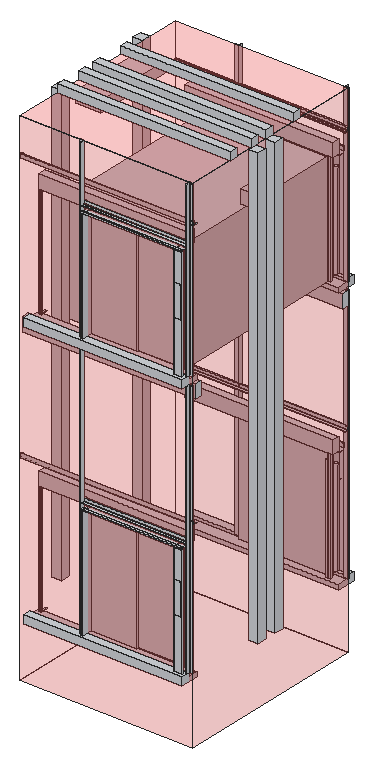
Revit family "TSF2000-2S-2方向", category 一般モデル, Revit 2018
Family settings
  鉄筋をホスト可能 = いいえ
  丸型コネクタ寸法 = 直径を使用
  パーツ タイプ = 標準
  作業面ベース = いいえ
  常に垂直 = はい
  ロード時にボイドで切り取り = いいえ
  共有 = いいえ
  部屋計算ポイント = いいえ
Parameters
  昇降行程 = 5000 mm
Reference planes
  plane 1 "レール芯": y = 0
  plane 2 "最下階FL": z = 0
  plane 3 "かご芯": x = 0
  plane 4: z = 5000
  plane 5 "ピット底面": z = -1250
  plane 6: z = 8250
  plane 7: z = 2500
Forms (mm)
  Extrusion 1, solid
    sketch origin (-115, 140, 0) x (1, 0, 0) y (0, 1, 0)
      loop
        line (-1765, 1925) -> (-1765, -1735) -> (1485, -1735) -> (1485, 1925) -> (-1765, 1925)
    from -1250 to 8250
  Extrusion 2, solid
    sketch origin (-188.849, -187.656, 5000) x (1, 0, 0) y (0, 1, 0)
      loop
        line (-941.151, 2042.656) -> (-941.151, -1167.344) -> (1318.849, -1167.344) -> (1318.849, 2042.656) -> (-941.151, 2042.656)
    from 0 to 2100
  Extrusion 3, solid
    sketch origin (-435.1, 4, 0) x (1, 0, 0) y (0, 1, 0)
      loop
        line (-1189.384, 890.997) -> (-1189.384, 260.997) -> (-753.884, 260.997) -> (-753.884, 890.997) -> (-1189.384, 890.997)
    from -1250 to -252.5
  Extrusion 4, solid
    sketch origin (-180.164, -13.256, 0) x (1, 0, 0) y (0, 1, 0)
      loop
        line (1550.164, 300.756) -> (1550.164, 125.756) -> (1725.164, 125.756) -> (1725.164, 300.756) -> (1550.164, 300.756)
    from 0 to 8250
  Extrusion 5, solid
    sketch origin (-180.164, -413.256, 0) x (1, 0, 0) y (0, 1, 0)
      loop
        line (1550.164, 300.756) -> (1550.164, 125.756) -> (1725.164, 125.756) -> (1725.164, 300.756) -> (1550.164, 300.756)
    from 0 to 8250
  Extrusion 6, solid
    sketch origin (593.997, 963.69, 0) x (1, 0, 0) y (0, 1, 0)
      loop
        line (-2648.997, 493.81) -> (-2648.997, 318.81) -> (-2473.997, 318.81) -> (-2473.997, 493.81) -> (-2648.997, 493.81)
    from 0 to 8250
  Extrusion 7, solid
    sketch origin (593.997, -936.31, 0) x (1, 0, 0) y (0, 1, 0)
      loop
        line (-2648.997, 493.81) -> (-2648.997, 318.81) -> (-2473.997, 318.81) -> (-2473.997, 493.81) -> (-2648.997, 493.81)
    from 0 to 8250
  Extrusion 8, solid
    sketch origin (388.648, -559, 7950) x (1, 0, 0) y (0, 1, 0)
      loop
        line (-2211.148, 1758) -> (-2211.148, 200) -> (-1738.648, 200) -> (-1738.648, 1758) -> (-2211.148, 1758)
    from 0 to 200
  Extrusion 9, solid
    sketch origin (-244.764, 1365.017, 7235) x (1, 0, 0) y (0, 1, 0)
      loop
        line (1413.764, -985.017) -> (1413.764, -1575.017) -> (1593.764, -1575.017) -> (1593.764, -985.017) -> (1413.764, -985.017)
    from 0 to 250
  Extrusion 10, solid
    sketch origin (0, -154.792, -183.066) x (0, 1, 0) y (0, 0, 1)
      loop
        line (279.792, 8583.066) -> (279.792, 8433.066) -> (429.792, 8433.066) -> (429.792, 8583.066) -> (279.792, 8583.066)
    from -1880 to 1370
  Extrusion 11, solid
    sketch origin (0, -494.792, -183.066) x (0, 1, 0) y (0, 0, 1)
      loop
        line (279.792, 8583.066) -> (279.792, 8433.066) -> (429.792, 8433.066) -> (429.792, 8583.066) -> (279.792, 8583.066)
    from -1880 to 1370
  Extrusion 12, solid
    sketch origin (0, -994.792, -183.066) x (0, 1, 0) y (0, 0, 1)
      loop
        line (279.792, 8583.066) -> (279.792, 8433.066) -> (429.792, 8433.066) -> (429.792, 8583.066) -> (279.792, 8583.066)
    from -1880 to 1370
  Extrusion 13, solid
    sketch origin (0, 485.208, -183.066) x (0, 1, 0) y (0, 0, 1)
      loop
        line (279.792, 8583.066) -> (279.792, 8433.066) -> (429.792, 8433.066) -> (429.792, 8583.066) -> (279.792, 8583.066)
    from -1880 to 1370
  Extrusion 14, solid
    sketch origin (0, -737.235, 116.596) x (0, 1, 0) y (0, 0, 1)
      loop
        line (-802.765, 4733.404) -> (-802.765, 4483.404) -> (-677.765, 4483.404) -> (-677.765, 4733.404) -> (-802.765, 4733.404)
    from -1880 to 1370
  Extrusion 15, solid
    sketch origin (27.352, -414.415, 0) x (1, 0, 0) y (0, 1, 0)
      loop
        arc (-734.852, -1180.585) -> (-728.842, -1183.075) -> (-726.352, -1189.085) r 8.5
        line (-726.352, -1189.085) -> (-726.352, -1240.585)
        arc (-726.352, -1240.585) -> (-724.595, -1244.828) -> (-720.352, -1246.585) r 6
        line (-720.352, -1246.585) -> (-717.352, -1246.585) -> (-717.352, -1171.585) -> (-792.352, -1171.585) -> (-792.352, -1174.585)
        arc (-792.352, -1174.585) -> (-790.595, -1178.828) -> (-786.352, -1180.585) r 6
        line (-786.352, -1180.585) -> (-734.852, -1180.585)
    from 0 to 4850
  Extrusion 16, solid
    sketch origin (572.648, -414.415, 5000) x (-1, 0, 0) y (0, -1, 0)
      loop
        arc (-786.352, 1180.585) -> (-790.595, 1178.828) -> (-792.352, 1174.585) r 6
        line (-792.352, 1174.585) -> (-792.352, 1171.585) -> (-717.352, 1171.585) -> (-717.352, 1246.585) -> (-720.352, 1246.585)
        arc (-720.352, 1246.585) -> (-724.595, 1244.828) -> (-726.352, 1240.585) r 6
        line (-726.352, 1240.585) -> (-726.352, 1189.085)
        arc (-726.352, 1189.085) -> (-728.842, 1183.075) -> (-734.852, 1180.585) r 8.5
        line (-734.852, 1180.585) -> (-786.352, 1180.585)
    from 0 to 3250
  Extrusion 17, solid
    sketch origin (27.352, -414.415, 5000) x (1, 0, 0) y (0, 1, 0)
      loop
        arc (-734.852, -1180.585) -> (-728.842, -1183.075) -> (-726.352, -1189.085) r 8.5
        line (-726.352, -1189.085) -> (-726.352, -1240.585)
        arc (-726.352, -1240.585) -> (-724.595, -1244.828) -> (-720.352, -1246.585) r 6
        line (-720.352, -1246.585) -> (-717.352, -1246.585) -> (-717.352, -1171.585) -> (-792.352, -1171.585) -> (-792.352, -1174.585)
        arc (-792.352, -1174.585) -> (-790.595, -1178.828) -> (-786.352, -1180.585) r 6
        line (-786.352, -1180.585) -> (-734.852, -1180.585)
    from 0 to 3250
  Extrusion 18, solid
    sketch origin (0, -3761.272, 935.614) x (0, 0, -1) y (0, 1, 0)
      loop
        arc (-1319.386, 2172.272) -> (-1317.628, 2168.029) -> (-1313.386, 2166.272) r 6
        line (-1313.386, 2166.272) -> (-1261.886, 2166.272)
        arc (-1261.886, 2166.272) -> (-1255.875, 2163.782) -> (-1253.386, 2157.772) r 8.5
        line (-1253.386, 2157.772) -> (-1253.386, 2106.272)
        arc (-1253.386, 2106.272) -> (-1251.628, 2102.029) -> (-1247.386, 2100.272) r 6
        line (-1247.386, 2100.272) -> (-1244.386, 2100.272) -> (-1244.386, 2175.272) -> (-1319.386, 2175.272) -> (-1319.386, 2172.272)
    from -690 to 1290
  Extrusion 19, solid
    sketch origin (0, -3761.272, 5935.614) x (0, 0, -1) y (0, 1, 0)
      loop
        line (-1244.386, 2100.272) -> (-1244.386, 2175.272) -> (-1319.386, 2175.272) -> (-1319.386, 2172.272)
        arc (-1319.386, 2172.272) -> (-1317.628, 2168.029) -> (-1313.386, 2166.272) r 6
        line (-1313.386, 2166.272) -> (-1261.886, 2166.272)
        arc (-1261.886, 2166.272) -> (-1255.875, 2163.782) -> (-1253.386, 2157.772) r 8.5
        line (-1253.386, 2157.772) -> (-1253.386, 2106.272)
        arc (-1253.386, 2106.272) -> (-1251.628, 2102.029) -> (-1247.386, 2100.272) r 6
        line (-1247.386, 2100.272) -> (-1244.386, 2100.272)
    from -690 to 1290
  Extrusion 20, solid
    sketch origin (0, 583.272, 6295.614) x (0, 0, -1) y (0, 1, 0)
      loop
        line (-1244.386, -2094.272) -> (-1247.386, -2094.272)
        arc (-1247.386, -2094.272) -> (-1251.628, -2096.029) -> (-1253.386, -2100.272) r 6
        line (-1253.386, -2100.272) -> (-1253.386, -2151.772)
        arc (-1253.386, -2151.772) -> (-1255.875, -2157.782) -> (-1261.886, -2160.272) r 8.5
        line (-1261.886, -2160.272) -> (-1313.386, -2160.272)
        arc (-1313.386, -2160.272) -> (-1317.628, -2162.029) -> (-1319.386, -2166.272) r 6
        line (-1319.386, -2166.272) -> (-1319.386, -2169.272) -> (-1244.386, -2169.272) -> (-1244.386, -2094.272)
    from -1880 to 1370
  Extrusion 21, solid
    sketch origin (572.648, -414.415, 0) x (-1, 0, 0) y (0, -1, 0)
      loop
        line (-734.852, 1180.585) -> (-786.352, 1180.585)
        arc (-786.352, 1180.585) -> (-790.595, 1178.828) -> (-792.352, 1174.585) r 6
        line (-792.352, 1174.585) -> (-792.352, 1171.585) -> (-717.352, 1171.585) -> (-717.352, 1246.585) -> (-720.352, 1246.585)
        arc (-720.352, 1246.585) -> (-724.595, 1244.828) -> (-726.352, 1240.585) r 6
        line (-726.352, 1240.585) -> (-726.352, 1189.085)
        arc (-726.352, 1189.085) -> (-728.842, 1183.075) -> (-734.852, 1180.585) r 8.5
    from 0 to 4850
  Extrusion 22, solid
    sketch origin (0, -220, 0) x (0, 1, 0) y (0, 0, 1)
      loop
        line (-1297, 2509) -> (-1348.5, 2509)
        arc (-1348.5, 2509) -> (-1354.51, 2511.49) -> (-1357, 2517.5) r 8.5
        line (-1357, 2517.5) -> (-1357, 2569)
        arc (-1357, 2569) -> (-1358.757, 2573.243) -> (-1363, 2575) r 6
        line (-1363, 2575) -> (-1366, 2575) -> (-1366, 2500) -> (-1291, 2500) -> (-1291, 2503)
        arc (-1291, 2503) -> (-1292.757, 2507.243) -> (-1297, 2509) r 6
    from -1880 to 1370
  Extrusion 23, solid
    sketch origin (0, 4231.272, 935.614) x (0, 0, -1) y (0, 1, 0)
      loop
        line (-1319.386, -2172.272) -> (-1319.386, -2175.272) -> (-1244.386, -2175.272) -> (-1244.386, -2100.272) -> (-1247.386, -2100.272)
        arc (-1247.386, -2100.272) -> (-1251.628, -2102.029) -> (-1253.386, -2106.272) r 6
        line (-1253.386, -2106.272) -> (-1253.386, -2157.772)
        arc (-1253.386, -2157.772) -> (-1255.875, -2163.782) -> (-1261.886, -2166.272) r 8.5
        line (-1261.886, -2166.272) -> (-1313.386, -2166.272)
        arc (-1313.386, -2166.272) -> (-1317.628, -2168.029) -> (-1319.386, -2172.272) r 6
    from -690 to 1290
  Extrusion 24, solid
    sketch origin (0, 690, 0) x (0, -1, 0) y (0, 0, -1)
      loop
        arc (-1297, -2509) -> (-1292.757, -2507.243) -> (-1291, -2503) r 6
        line (-1291, -2503) -> (-1291, -2500) -> (-1366, -2500) -> (-1366, -2575) -> (-1363, -2575)
        arc (-1363, -2575) -> (-1358.757, -2573.243) -> (-1357, -2569) r 6
        line (-1357, -2569) -> (-1357, -2517.5)
        arc (-1357, -2517.5) -> (-1354.51, -2511.49) -> (-1348.5, -2509) r 8.5
        line (-1348.5, -2509) -> (-1297, -2509)
    from -1880 to 1370
  Extrusion 25, solid
    sketch origin (27.352, 884.415, 0) x (1, 0, 0) y (0, 1, 0)
      loop
        line (-734.852, 1180.585) -> (-786.352, 1180.585)
        arc (-786.352, 1180.585) -> (-790.595, 1178.828) -> (-792.352, 1174.585) r 6
        line (-792.352, 1174.585) -> (-792.352, 1171.585) -> (-717.352, 1171.585) -> (-717.352, 1246.585) -> (-720.352, 1246.585)
        arc (-720.352, 1246.585) -> (-724.595, 1244.828) -> (-726.352, 1240.585) r 6
        line (-726.352, 1240.585) -> (-726.352, 1189.085)
        arc (-726.352, 1189.085) -> (-728.842, 1183.075) -> (-734.852, 1180.585) r 8.5
    from 0 to 4850
  Extrusion 26, solid
    sketch origin (572.648, 884.415, 0) x (-1, 0, 0) y (0, -1, 0)
      loop
        arc (-734.852, -1180.585) -> (-728.842, -1183.075) -> (-726.352, -1189.085) r 8.5
        line (-726.352, -1189.085) -> (-726.352, -1240.585)
        arc (-726.352, -1240.585) -> (-724.595, -1244.828) -> (-720.352, -1246.585) r 6
        line (-720.352, -1246.585) -> (-717.352, -1246.585) -> (-717.352, -1171.585) -> (-792.352, -1171.585) -> (-792.352, -1174.585)
        arc (-792.352, -1174.585) -> (-790.595, -1178.828) -> (-786.352, -1180.585) r 6
        line (-786.352, -1180.585) -> (-734.852, -1180.585)
    from 0 to 4850
  Extrusion 27, solid
    sketch origin (0, 1237.235, 116.596) x (0, -1, 0) y (0, 0, -1)
      loop
        line (-802.765, -4733.404) -> (-677.765, -4733.404) -> (-677.765, -4483.404) -> (-802.765, -4483.404) -> (-802.765, -4733.404)
    from -1880 to 1370
  Extrusion 28, solid
    sketch origin (0, 4231.272, 5935.614) x (0, 0, -1) y (0, 1, 0)
      loop
        line (-1244.386, -2100.272) -> (-1247.386, -2100.272)
        arc (-1247.386, -2100.272) -> (-1251.628, -2102.029) -> (-1253.386, -2106.272) r 6
        line (-1253.386, -2106.272) -> (-1253.386, -2157.772)
        arc (-1253.386, -2157.772) -> (-1255.875, -2163.782) -> (-1261.886, -2166.272) r 8.5
        line (-1261.886, -2166.272) -> (-1313.386, -2166.272)
        arc (-1313.386, -2166.272) -> (-1317.628, -2168.029) -> (-1319.386, -2172.272) r 6
        line (-1319.386, -2172.272) -> (-1319.386, -2175.272) -> (-1244.386, -2175.272) -> (-1244.386, -2100.272)
    from -690 to 1290
  Extrusion 29, solid
    sketch origin (0, -113.272, 6295.614) x (0, 0, -1) y (0, 1, 0)
      loop
        line (-1244.386, 2094.272) -> (-1244.386, 2169.272) -> (-1319.386, 2169.272) -> (-1319.386, 2166.272)
        arc (-1319.386, 2166.272) -> (-1317.628, 2162.029) -> (-1313.386, 2160.272) r 6
        line (-1313.386, 2160.272) -> (-1261.886, 2160.272)
        arc (-1261.886, 2160.272) -> (-1255.875, 2157.782) -> (-1253.386, 2151.772) r 8.5
        line (-1253.386, 2151.772) -> (-1253.386, 2100.272)
        arc (-1253.386, 2100.272) -> (-1251.628, 2096.029) -> (-1247.386, 2094.272) r 6
        line (-1247.386, 2094.272) -> (-1244.386, 2094.272)
    from -1880 to 1370
  Extrusion 30, solid
    sketch origin (572.648, 884.415, 5000) x (-1, 0, 0) y (0, -1, 0)
      loop
        line (-786.352, -1180.585) -> (-734.852, -1180.585)
        arc (-734.852, -1180.585) -> (-728.842, -1183.075) -> (-726.352, -1189.085) r 8.5
        line (-726.352, -1189.085) -> (-726.352, -1240.585)
        arc (-726.352, -1240.585) -> (-724.595, -1244.828) -> (-720.352, -1246.585) r 6
        line (-720.352, -1246.585) -> (-717.352, -1246.585) -> (-717.352, -1171.585) -> (-792.352, -1171.585) -> (-792.352, -1174.585)
        arc (-792.352, -1174.585) -> (-790.595, -1178.828) -> (-786.352, -1180.585) r 6
    from 0 to 3250
  Extrusion 31, solid
    sketch origin (27.352, 884.415, 5000) x (1, 0, 0) y (0, 1, 0)
      loop
        line (-734.852, 1180.585) -> (-786.352, 1180.585)
        arc (-786.352, 1180.585) -> (-790.595, 1178.828) -> (-792.352, 1174.585) r 6
        line (-792.352, 1174.585) -> (-792.352, 1171.585) -> (-717.352, 1171.585) -> (-717.352, 1246.585) -> (-720.352, 1246.585)
        arc (-720.352, 1246.585) -> (-724.595, 1244.828) -> (-726.352, 1240.585) r 6
        line (-726.352, 1240.585) -> (-726.352, 1189.085)
        arc (-726.352, 1189.085) -> (-728.842, 1183.075) -> (-734.852, 1180.585) r 8.5
    from 0 to 3250
Dimensions and locks
  "昇降行程": plane 4 to plane 2 "最下階FL"
  locked: plane 6 to plane 4 at 3250
  locked: Extrusion 2 to plane 4 at 2100
  locked: plane 6 to Extrusion 8 at 100
  locked: Extrusion 8 to Extrusion 8 at 200
  locked: Extrusion 2 to Extrusion 9 at 135
  locked: Extrusion 9 to Extrusion 9 at 250
  locked: plane 4 to Extrusion 21 at 150
  locked: Extrusion 18 to plane 2 "最下階FL" at 2180
  locked: Extrusion 19 to plane 4 at 2180
  locked: Extrusion 19 to Extrusion 20 at 360
  aligned and locked: level to plane 2 "最下階FL"
  aligned and locked: Extrusion 1 to plane 5 "ピット底面"
  aligned and locked: Extrusion 2 to plane 4
  aligned and locked: Extrusion 1 to Extrusion 3
  aligned and locked: Extrusion 5 to plane 2 "最下階FL"
  aligned and locked: Extrusion 4 to plane 2 "最下階FL"
  aligned and locked: Extrusion 1 to Extrusion 5
  aligned and locked: Extrusion 1 to Extrusion 4
  aligned and locked: Extrusion 6 to Extrusion 1
  aligned and locked: Extrusion 7 to Extrusion 1
  aligned and locked: Extrusion 4 to Extrusion 1
  aligned and locked: Extrusion 5 to Extrusion 1
  aligned and locked: Extrusion 6 to plane 2 "最下階FL"
  aligned and locked: Extrusion 7 to plane 2 "最下階FL"
  aligned and locked: Extrusion 1 to Extrusion 6
  aligned and locked: Extrusion 1 to Extrusion 7
  aligned and locked: plane 2 "最下階FL" to nested 1
  aligned and locked: plane 4 to nested 2
  aligned and locked: nested 1 to nested 2
  aligned and locked: Extrusion 10 to Extrusion 1
  aligned and locked: Extrusion 1 to Extrusion 10  (x2)
  aligned and locked: Extrusion 1 to Extrusion 12  (x2)
  aligned and locked: Extrusion 1 to Extrusion 13  (x2)
  aligned and locked: Extrusion 12 to Extrusion 1
  aligned and locked: Extrusion 11 to Extrusion 1
  aligned and locked: Extrusion 13 to Extrusion 1
  aligned and locked: Extrusion 1 to Extrusion 14  (x2)
  aligned and locked: Extrusion 1 to Extrusion 11  (x2)
  aligned and locked: Extrusion 16 to Extrusion 17
  aligned and locked: Extrusion 17 to plane 4
  aligned and locked: Extrusion 16 to plane 4
  aligned and locked: plane 6 to Extrusion 1
  aligned and locked: plane 6 to Extrusion 16
  aligned and locked: plane 6 to Extrusion 17
  aligned and locked: Extrusion 21 to Extrusion 15
  aligned and locked: Extrusion 26 to Extrusion 25
  aligned and locked: Extrusion 30 to Extrusion 31
  aligned and locked: nested 4 to plane 4
  aligned and locked: Extrusion 30 to plane 4
  aligned and locked: Extrusion 31 to plane 4
  aligned and locked: Extrusion 26 to Extrusion 21
  aligned and locked: plane 6 to Extrusion 30
  aligned and locked: plane 6 to Extrusion 31
Automatic sketch dimensions
  Extrusion 1 sketch curve to plane 3 "かご芯" = 1880 mm
  plane 3 "かご芯" to Extrusion 1 sketch curve = 1370 mm
  plane 1 "レール芯" to Extrusion 1 sketch curve = 1595 mm
  Extrusion 1 sketch curve to plane 1 "レール芯" = 2065 mm
  Extrusion 2 sketch curve to plane 3 "かご芯" = 1130 mm
  plane 3 "かご芯" to Extrusion 2 sketch curve = 1130 mm
  plane 1 "レール芯" to Extrusion 2 sketch curve = 1355 mm
  Extrusion 2 sketch curve to plane 1 "レール芯" = 1855 mm
  Extrusion 3 sketch curve to plane 1 "レール芯" = 264.997 mm
  Extrusion 3 sketch curve to plane 3 "かご芯" = 1624.484 mm
  Extrusion 3 sketch curve to Extrusion 3 sketch curve = 435.5 mm
  Extrusion 3 sketch curve to Extrusion 3 sketch curve = 630 mm
  Extrusion 4 sketch curve to plane 1 "レール芯" = 112.5 mm
  plane 3 "かご芯" to Extrusion 4 sketch curve = 1370 mm
  Extrusion 4 sketch curve to Extrusion 4 sketch curve = 175 mm  (x2)
  plane 1 "レール芯" to Extrusion 5 sketch curve = 287.5 mm
  plane 3 "かご芯" to Extrusion 5 sketch curve = 1370 mm
  Extrusion 5 sketch curve to Extrusion 5 sketch curve = 175 mm
  plane 1 "レール芯" to Extrusion 5 sketch curve = 112.5 mm
  Extrusion 6 sketch curve to plane 3 "かご芯" = 2055 mm
  Extrusion 6 sketch curve to Extrusion 6 sketch curve = 175 mm  (x2)
  Extrusion 6 sketch curve to plane 1 "レール芯" = 1282.5 mm
  plane 1 "レール芯" to Extrusion 7 sketch curve = 617.5 mm
  Extrusion 7 sketch curve to plane 3 "かご芯" = 2055 mm
  Extrusion 7 sketch curve to Extrusion 7 sketch curve = 175 mm  (x2)
  plane 1 "レール芯" to Extrusion 8 sketch curve = 359 mm
  Extrusion 8 sketch curve to plane 3 "かご芯" = 1822.5 mm
  Extrusion 8 sketch curve to Extrusion 8 sketch curve = 472.5 mm
  Extrusion 8 sketch curve to plane 1 "レール芯" = 1199 mm
  plane 1 "レール芯" to Extrusion 9 sketch curve = 210 mm
  plane 3 "かご芯" to Extrusion 9 sketch curve = 1169 mm
  Extrusion 9 sketch curve to Extrusion 9 sketch curve = 180 mm
  Extrusion 9 sketch curve to plane 1 "レール芯" = 380 mm
  Extrusion 10 sketch curve to plane 6 = 0 mm
  Extrusion 10 sketch curve to plane 1 "レール芯" = 125 mm
  Extrusion 10 sketch curve to Extrusion 10 sketch curve = 150 mm  (x2)
  Extrusion 11 sketch curve to plane 6 = 0 mm
  plane 1 "レール芯" to Extrusion 11 sketch curve = 215 mm
  plane 1 "レール芯" to Extrusion 11 sketch curve = 65 mm
  Extrusion 11 sketch curve to Extrusion 11 sketch curve = 150 mm
  Extrusion 12 sketch curve to plane 6 = 0 mm
  plane 1 "レール芯" to Extrusion 12 sketch curve = 715 mm
  Extrusion 12 sketch curve to Extrusion 12 sketch curve = 150 mm  (x2)
  Extrusion 13 sketch curve to plane 6 = 0 mm
  Extrusion 13 sketch curve to plane 1 "レール芯" = 765 mm
  Extrusion 13 sketch curve to Extrusion 13 sketch curve = 150 mm  (x2)
  Extrusion 14 sketch curve to plane 4 = 400 mm
  plane 1 "レール芯" to Extrusion 14 sketch curve = 1540 mm
  Extrusion 14 sketch curve to Extrusion 14 sketch curve = 125 mm
  Extrusion 14 sketch curve to plane 4 = 150 mm
  Extrusion 15 sketch curve to plane 3 "かご芯" = 765 mm
  Extrusion 15 sketch curve to Extrusion 15 sketch curve = 6 mm  (x2)
  Extrusion 15 sketch curve to Extrusion 15 sketch curve = 51.5 mm  (x2)
  Extrusion 15 sketch curve to Extrusion 15 sketch curve = 8.5 mm
  Extrusion 15 sketch curve to Extrusion 15 sketch curve = 9 mm
  plane 1 "レール芯" to Extrusion 15 sketch curve = 1661 mm
  Extrusion 15 sketch curve to Extrusion 15 sketch curve = 17.5 mm
  Extrusion 16 sketch curve to plane 3 "かご芯" = 1365 mm
  Extrusion 16 sketch curve to Extrusion 16 sketch curve = 6 mm  (x2)
  Extrusion 16 sketch curve to Extrusion 16 sketch curve = 51.5 mm  (x2)
  Extrusion 16 sketch curve to Extrusion 16 sketch curve = 8.5 mm
  Extrusion 16 sketch curve to Extrusion 16 sketch curve = 3 mm  (x2)
  Extrusion 16 sketch curve to plane 1 "レール芯" = 1661 mm
  Extrusion 17 sketch curve to plane 3 "かご芯" = 765 mm
  Extrusion 17 sketch curve to Extrusion 17 sketch curve = 6 mm  (x2)
  Extrusion 17 sketch curve to Extrusion 17 sketch curve = 51.5 mm  (x2)
  Extrusion 17 sketch curve to Extrusion 17 sketch curve = 8.5 mm
  Extrusion 17 sketch curve to Extrusion 17 sketch curve = 9 mm
  plane 1 "レール芯" to Extrusion 17 sketch curve = 1661 mm
  Extrusion 17 sketch curve to Extrusion 17 sketch curve = 3 mm
  Extrusion 18 sketch curve to plane 7 = 245 mm
  Extrusion 18 sketch curve to Extrusion 18 sketch curve = 6 mm  (x2)
  Extrusion 18 sketch curve to Extrusion 18 sketch curve = 51.5 mm  (x2)
  Extrusion 18 sketch curve to Extrusion 18 sketch curve = 8.5 mm
  Extrusion 18 sketch curve to Extrusion 18 sketch curve = 9 mm
  plane 1 "レール芯" to Extrusion 18 sketch curve = 1661 mm
  Extrusion 18 sketch curve to Extrusion 18 sketch curve = 3 mm
  Extrusion 19 sketch curve to plane 6 = 995 mm
  Extrusion 19 sketch curve to Extrusion 19 sketch curve = 6 mm  (x2)
  Extrusion 19 sketch curve to Extrusion 19 sketch curve = 51.5 mm  (x2)
  Extrusion 19 sketch curve to Extrusion 19 sketch curve = 8.5 mm
  Extrusion 19 sketch curve to Extrusion 19 sketch curve = 9 mm
  plane 1 "レール芯" to Extrusion 19 sketch curve = 1661 mm
  Extrusion 19 sketch curve to Extrusion 19 sketch curve = 17.5 mm
  plane 6 to Extrusion 20 sketch curve = 635 mm
  Extrusion 20 sketch curve to Extrusion 20 sketch curve = 6 mm  (x2)
  Extrusion 20 sketch curve to Extrusion 20 sketch curve = 51.5 mm  (x2)
  Extrusion 20 sketch curve to Extrusion 20 sketch curve = 8.5 mm
  Extrusion 20 sketch curve to Extrusion 20 sketch curve = 9 mm
  Extrusion 20 sketch curve to plane 1 "レール芯" = 1511 mm
  Extrusion 20 sketch curve to Extrusion 20 sketch curve = 17.5 mm
  Extrusion 21 sketch curve to plane 3 "かご芯" = 1365 mm
  Extrusion 21 sketch curve to Extrusion 21 sketch curve = 6 mm  (x2)
  Extrusion 21 sketch curve to Extrusion 21 sketch curve = 51.5 mm  (x2)
  Extrusion 21 sketch curve to Extrusion 21 sketch curve = 8.5 mm
  Extrusion 21 sketch curve to Extrusion 21 sketch curve = 9 mm
  Extrusion 21 sketch curve to plane 1 "レール芯" = 1661 mm
  Extrusion 21 sketch curve to Extrusion 21 sketch curve = 3 mm
  Extrusion 22 sketch curve to plane 7 = 0 mm
  plane 1 "レール芯" to Extrusion 22 sketch curve = 1586 mm
  Extrusion 22 sketch curve to Extrusion 22 sketch curve = 3 mm
  Extrusion 22 sketch curve to Extrusion 22 sketch curve = 9 mm
  Extrusion 22 sketch curve to Extrusion 22 sketch curve = 8.5 mm
  plane 7 to Extrusion 22 sketch curve = 9 mm
  Extrusion 22 sketch curve to Extrusion 22 sketch curve = 51.5 mm  (x2)
  Extrusion 22 sketch curve to Extrusion 22 sketch curve = 6 mm
  plane 7 to Extrusion 23 sketch curve = 245 mm
  Extrusion 23 sketch curve to Extrusion 23 sketch curve = 6 mm  (x2)
  Extrusion 23 sketch curve to Extrusion 23 sketch curve = 51.5 mm  (x2)
  Extrusion 23 sketch curve to Extrusion 23 sketch curve = 8.5 mm
  Extrusion 23 sketch curve to Extrusion 23 sketch curve = 17.5 mm
  plane 1 "レール芯" to Extrusion 23 sketch curve = 2131 mm
  Extrusion 23 sketch curve to Extrusion 23 sketch curve = 3 mm
  plane 7 to Extrusion 24 sketch curve = 0 mm
  plane 1 "レール芯" to Extrusion 24 sketch curve = 2056 mm
  Extrusion 24 sketch curve to Extrusion 24 sketch curve = 3 mm
  Extrusion 24 sketch curve to Extrusion 24 sketch curve = 9 mm
  Extrusion 24 sketch curve to Extrusion 24 sketch curve = 8.5 mm
  Extrusion 24 sketch curve to plane 7 = 9 mm
  Extrusion 24 sketch curve to Extrusion 24 sketch curve = 51.5 mm  (x2)
  Extrusion 24 sketch curve to Extrusion 24 sketch curve = 6 mm
  Extrusion 25 sketch curve to plane 3 "かご芯" = 765 mm
  Extrusion 25 sketch curve to Extrusion 25 sketch curve = 6 mm  (x2)
  Extrusion 25 sketch curve to Extrusion 25 sketch curve = 51.5 mm  (x2)
  Extrusion 25 sketch curve to Extrusion 25 sketch curve = 8.5 mm
  Extrusion 25 sketch curve to Extrusion 25 sketch curve = 9 mm
  Extrusion 25 sketch curve to plane 1 "レール芯" = 2056 mm
  Extrusion 25 sketch curve to Extrusion 25 sketch curve = 3 mm
  plane 3 "かご芯" to Extrusion 26 sketch curve = 1365 mm
  Extrusion 26 sketch curve to Extrusion 26 sketch curve = 6 mm  (x2)
  Extrusion 26 sketch curve to Extrusion 26 sketch curve = 51.5 mm  (x2)
  Extrusion 26 sketch curve to Extrusion 26 sketch curve = 8.5 mm
  Extrusion 26 sketch curve to Extrusion 26 sketch curve = 9 mm
  Extrusion 26 sketch curve to plane 1 "レール芯" = 2131 mm
  Extrusion 26 sketch curve to Extrusion 26 sketch curve = 3 mm
  plane 4 to Extrusion 27 sketch curve = 400 mm
  plane 1 "レール芯" to Extrusion 27 sketch curve = 2040 mm
  Extrusion 27 sketch curve to Extrusion 27 sketch curve = 125 mm
  plane 4 to Extrusion 27 sketch curve = 150 mm
  plane 6 to Extrusion 28 sketch curve = 995 mm
  Extrusion 28 sketch curve to Extrusion 28 sketch curve = 6 mm  (x2)
  Extrusion 28 sketch curve to Extrusion 28 sketch curve = 51.5 mm  (x2)
  Extrusion 28 sketch curve to Extrusion 28 sketch curve = 8.5 mm
  Extrusion 28 sketch curve to Extrusion 28 sketch curve = 17.5 mm
  plane 1 "レール芯" to Extrusion 28 sketch curve = 2131 mm
  Extrusion 28 sketch curve to Extrusion 28 sketch curve = 9 mm
  Extrusion 29 sketch curve to plane 6 = 635 mm
  Extrusion 29 sketch curve to Extrusion 29 sketch curve = 6 mm  (x2)
  Extrusion 29 sketch curve to Extrusion 29 sketch curve = 51.5 mm  (x2)
  Extrusion 29 sketch curve to Extrusion 29 sketch curve = 8.5 mm
  Extrusion 29 sketch curve to Extrusion 29 sketch curve = 9 mm
  Extrusion 29 sketch curve to plane 1 "レール芯" = 1981 mm
  Extrusion 29 sketch curve to Extrusion 29 sketch curve = 17.5 mm
  plane 3 "かご芯" to Extrusion 30 sketch curve = 1365 mm
  Extrusion 30 sketch curve to Extrusion 30 sketch curve = 6 mm  (x2)
  Extrusion 30 sketch curve to Extrusion 30 sketch curve = 51.5 mm  (x2)
  Extrusion 30 sketch curve to Extrusion 30 sketch curve = 8.5 mm
  Extrusion 30 sketch curve to Extrusion 30 sketch curve = 3 mm  (x2)
  Extrusion 30 sketch curve to plane 1 "レール芯" = 2131 mm
  Extrusion 31 sketch curve to plane 3 "かご芯" = 765 mm
  Extrusion 31 sketch curve to Extrusion 31 sketch curve = 6 mm  (x2)
  Extrusion 31 sketch curve to Extrusion 31 sketch curve = 51.5 mm  (x2)
  Extrusion 31 sketch curve to Extrusion 31 sketch curve = 8.5 mm
  Extrusion 31 sketch curve to Extrusion 31 sketch curve = 9 mm
  Extrusion 31 sketch curve to plane 1 "レール芯" = 2056 mm
  Extrusion 31 sketch curve to Extrusion 31 sketch curve = 3 mm
Nested families
  nested 1: "2S" at (100, -1385, 0), type "2S(詳細レベル)"
    with 戸袋 965 mm, 出入口幅 1700 mm
  nested 2: "2S" at (100, -1385, 5000), type "2S(詳細レベル)"
    with 戸袋 965 mm, 出入口幅 1700 mm
  nested 3: "2S(背面)2" at (100, 1885, 0), type "2S 背面(詳細レベル)"
    with 戸袋 965 mm
  nested 4: "2S(背面)2" at (100, 1885, 5000), type "2S 背面(詳細レベル)"
    with 戸袋 965 mm
Definition of nested family "2S"
  Parameters (values of type "2S(詳細レベル)")
    戸袋 = 635 mm
    出入口高さ = 2100 mm
    出入口幅 = 1100 mm
  Types (2, lengths in mm): name | 戸袋 | 出入口幅
    2S(詳細レベル) | 635 | 1100
    2S 背面(詳細レベル) | 785 | 1700
  Reference planes
    plane 1 "敷居先端": y = 0
    plane 2 "FL": z = 0
    plane 3: x = 140
    plane 4 "出入口中心": x = 140
    plane 5 "出入口高さ": z = 2100
    plane 6: z = 2320
    plane 7: y = -145.5
    plane 8 "出入口幅右": x = 690
    plane 9 "出入口幅左": x = -410
    plane 10 "戸袋": x = -1045
    plane 11: x = 810
    plane 12: y = -76.6
    plane 13: z = 2173
    plane 14: z = -60
    plane 15: z = -150
    plane 16: x = 710
    plane 17: x = -490
    plane 18: x = 890
  Forms (mm)
    Extrusion 1, solid
      sketch origin (140, 0, 0) x (0, 1, 0) y (0, 0, 1)
        loop
          line (-102, 2116) -> (-134, 2116) -> (-134, 6) -> (-102, 6) -> (-102, 2116)
      from -570 to 15
    Extrusion 2, solid
      sketch origin (705, 38, 0) x (0, 1, 0) y (0, 0, 1)
        loop
          line (-102, 2116) -> (-134, 2116) -> (-134, 6) -> (-102, 6) -> (-102, 2116)
      from -580 to 5
    Extrusion 3, solid
      sketch origin (140, 0, -16) x (0, 1, 0) y (0, 0, 1)
        loop
          line (-145.5, 2366) -> (-145.5, 2116) -> (0, 2116) -> (0, 2366) -> (-145.5, 2366)
      from -1185 to 670
    Extrusion 4, solid
      sketch origin (0, 0, 130) x (1, 0, 0) y (0, 1, 0)
        loop
          circle (810, -76.6) r 35
      from 0 to 1800
    Extrusion 5, solid
      sketch origin (0, 0, 0) x (1, 0, 0) y (0, 1, 0)
        loop
          line (-440, -140) -> (-440, -141.6) -> (-411.6, -141.6) -> (-411.6, -318.4) -> (-438.4, -318.4) -> (-438.4, -290) -> (-440, -290) -> (-440, -320) -> (-410, -320) -> (-410, -140) -> (-440, -140)
      from 0 to 2100
    Extrusion 6, solid
      sketch origin (0, 0, 0) x (1, 0, 0) y (0, 1, 0)
        loop
          line (770, -30) -> (770, 0) -> (720, 0) -> (720, -102) -> (690, -102) -> (690, -320) -> (840, -320) -> (840, -290) -> (838.4, -290) -> (838.4, -318.4) -> (691.6, -318.4) -> (691.6, -103.6) -> (721.6, -103.6) -> (721.6, -1.6) -> (768.4, -1.6) -> (768.4, -30) -> (770, -30)
      from 0 to 2100
    Extrusion 7, solid
      sketch origin (140, 0, 0) x (0, 1, 0) y (0, 0, 1)
        loop
          line (-295, 2130) -> (-325, 2130) -> (-325, 2100) -> (-140, 2100) -> (-140, 2101.6) -> (-323.4, 2101.6) -> (-323.4, 2128.4) -> (-295, 2128.4) -> (-295, 2130)
      from -580 to 700
    Extrusion 8, solid
      sketch origin (140, 0, 1400) x (0, 1, 0) y (0, 0, 1)
        loop
          line (-64, -1394) -> (-0.972, -1394) -> (-0.972, 586) -> (-64, 586) -> (-64, -1394)
      from 545 to 570
    Extrusion 9, solid
      sketch origin (0, 0, 0) x (1, 0, 0) y (0, 1, 0)
        loop
          arc (-1032.5, -132.5) -> (-1037.096, -130.596) -> (-1039, -126) r 6.5
          line (-1039, -126) -> (-1039, -93)
          arc (-1039, -93) -> (-1040.318, -89.818) -> (-1043.5, -88.5) r 4.5
          line (-1043.5, -88.5) -> (-1045, -88.5) -> (-1045, -138.5) -> (-995, -138.5) -> (-995, -137)
          arc (-995, -137) -> (-996.318, -133.818) -> (-999.5, -132.5) r 4.5
          line (-999.5, -132.5) -> (-1032.5, -132.5)
      from 3 to 2100
    Extrusion 10, solid
      sketch origin (-1.904, 52.096, 0) x (1, 0, 0) y (0, 1, 0)
        loop
          line (-1037.096, -190.596) -> (-999.096, -190.596) -> (-999.096, -65.596) -> (-1037.096, -65.596) -> (-1037.096, -190.596)
      from 0 to 3
    Extrusion 11, solid
      sketch origin (140, 6.458, 0) x (0, 1, 0) y (0, 0, 1)
        loop
          line (-386.458, 0) -> (-386.458, -150) -> (-36.458, -150) -> (-36.458, 0) -> (-386.458, 0)
      from -1287.782 to 758.966
    Extrusion 12, void
      sketch origin (0, 0, 0) x (0, 1, 0) y (0, 0, 1)
        loop
          line (-230, 0) -> (-230, -60) -> (-30, -60) -> (-30, 0) -> (-230, 0)
      from -1147.782 to 898.966
    Extrusion 13, solid, detail levels coarse+medium
      sketch origin (0, 0, -20.5) x (1, 0, 0) y (0, 1, 0)
        loop
          line (-1045, 0) -> (-1045, -150) -> (710, -150) -> (710, 0) -> (-1045, 0)
      from 0 to 20.5
    Extrusion 14, solid
      sketch origin (10, 17, 962.5) x (1, 0, 0) y (0, 1, 0)
        loop
          line (690, -337) -> (690, -340) -> (820, -340) -> (820, -337) -> (690, -337)
      from 0 to 590
  Cuts and joins
    Extrusion 12 cuts Extrusion 11
  Lines and regions (mm)
    symbolic lines
      curve 1: line (140, -320, 2100) -> (140, -320, 0)
      curve 2: line (140, 0, 0) -> (140, -180, 0)
      curve 3: line (140, -140, 2100) -> (140, -140, 0)
      curve 4: line (-440, -320, 0) -> (-440, -290, 0)
      curve 5: line (-410, -320, 0) -> (-440, -320, 0)
      curve 6: line (-410, -140, 0) -> (-410, -320, 0)
      curve 7: line (-440, -140, 0) -> (-410, -140, 0)
      curve 14: line (770, 0, 0) -> (770, -30, 0)
      curve 15: line (720, 0, 0) -> (770, 0, 0)
      curve 16: line (720, -102, 0) -> (720, 0, 0)
      curve 17: line (690, -102, 0) -> (720, -102, 0)
      curve 18: line (690, -320, 0) -> (690, -102, 0)
      curve 19: line (840, -320, 0) -> (690, -320, 0)
      curve 20: line (840, -290, 0) -> (840, -320, 0)
      curve 29: line (140, -295, 2130) -> (140, -325, 2130)
      curve 30: line (140, -325, 2130) -> (140, -325, 2100)
      curve 31: line (140, -325, 2100) -> (140, -140, 2100)
      curve 37: line (140, -320, 0) -> (140, -140, 0)
    symbolic lines, detail levels coarse+fine
      curve 8: line (-438.4, -290, 0) -> (-440, -290, 0)
      curve 9: line (-438.4, -318.4, 0) -> (-438.4, -290, 0)
      curve 10: line (-411.6, -318.4, 0) -> (-438.4, -318.4, 0)
      curve 11: line (-411.6, -141.6, 0) -> (-411.6, -318.4, 0)
      curve 12: line (-440, -141.6, 0) -> (-411.6, -141.6, 0)
      curve 13: line (-440, -140, 0) -> (-440, -141.6, 0)
      curve 21: line (768.4, -30, 0) -> (770, -30, 0)
      curve 22: line (768.4, -1.6, 0) -> (768.4, -30, 0)
      curve 23: line (721.6, -1.6, 0) -> (768.4, -1.6, 0)
      curve 24: line (721.6, -103.6, 0) -> (721.6, -1.6, 0)
      curve 25: line (691.6, -318.4, 0) -> (691.6, -103.6, 0)
      curve 26: line (838.4, -318.4, 0) -> (691.6, -318.4, 0)
      curve 27: line (838.4, -290, 0) -> (838.4, -318.4, 0)
      curve 28: line (840, -290, 0) -> (838.4, -290, 0)
      curve 32: line (140, -295, 2130) -> (140, -295, 2128.4)
      curve 33: line (140, -295, 2128.4) -> (140, -323.4, 2128.4)
      curve 34: line (140, -323.4, 2128.4) -> (140, -323.4, 2101.6)
      curve 35: line (140, -323.4, 2101.6) -> (140, -140, 2101.6)
      curve 36: line (140, -140, 2101.6) -> (140, -140, 2100)
      curve 38: line (691.6, -103.6, 0) -> (721.6, -103.6, 0)
  Dimensions and locks
    "出入口高さ": plane 5 "出入口高さ" to level
    "出入口幅": plane 8 "出入口幅右" to plane 9 "出入口幅左"
    level to plane 14 = 60 mm
    equal spacing: plane 8 "出入口幅右", plane 4 "出入口中心", plane 9 "出入口幅左"
    locked: plane 8 "出入口幅右" to Extrusion 6 at 150
    "戸袋": plane 10 "戸袋" to plane 9 "出入口幅左"
    locked: plane 11 to plane 8 "出入口幅右" at 120
    locked: plane 8 "出入口幅右" to plane 16 at 20
    locked: Extrusion 1 to plane 9 "出入口幅左" at 20
    locked: cut or joined group of Extrusion 11, Extrusion 12 to plane 10 "戸袋" at 102.782
    locked: plane 8 "出入口幅右" to cut or joined group of Extrusion 11, Extrusion 12 at 208.966
    locked: Extrusion 7 to plane 9 "出入口幅左" at 30
    locked: Extrusion 3 to plane 5 "出入口高さ" at 250
    locked: Extrusion 8 to Extrusion 8 at 25
    locked: plane 17 to plane 9 "出入口幅左" at 80
    locked: plane 8 "出入口幅右" to plane 18 at 200
    aligned and locked: level to plane 2 "FL"
    aligned and locked: Extrusion 7 to plane 5 "出入口高さ"
    aligned and locked: plane 5 "出入口高さ" to Extrusion 6
    aligned and locked: Extrusion 3 to plane 5 "出入口高さ"  (x2)
    aligned and locked: plane 5 "出入口高さ" to Extrusion 5
    aligned and locked: plane 5 "出入口高さ" to Extrusion 9
    aligned and locked: Extrusion 3 to plane 10 "戸袋"
    aligned and locked: Extrusion 6 to Extrusion 7
    aligned and locked: plane 11 to Extrusion 3
    aligned and locked: Extrusion 8 to plane 16
    aligned and locked: Extrusion 2 to plane 16
    aligned and locked: cut or joined group of Extrusion 11, Extrusion 12 to cut or joined group of Extrusion 11, Extrusion 12
    aligned and locked: Extrusion 12 to Extrusion 11
    aligned and locked: Extrusion 11 to Extrusion 12
  Automatic sketch dimensions
    plane 12 to Extrusion 8 sketch curve = 12.6 mm
    plane 1 "敷居先端" to Extrusion 8 sketch curve = 0.972 mm
    level to Extrusion 8 sketch curve = 6 mm
    Extrusion 8 sketch curve to Extrusion 8 sketch curve = 1980 mm
    Extrusion 12 sketch curve to plane 14 = 0 mm
    Extrusion 12 sketch curve to level = 0 mm
    level to Extrusion 1 sketch curve = 6 mm
    Extrusion 1 sketch curve to plane 12 = 25.4 mm
    plane 5 "出入口高さ" to Extrusion 1 sketch curve = 16 mm
    Extrusion 2 sketch curve to plane 12 = 19.4 mm
    level to Extrusion 2 sketch curve = 6 mm
    plane 12 to Extrusion 2 sketch curve = 12.6 mm
    plane 5 "出入口高さ" to Extrusion 2 sketch curve = 16 mm
    Extrusion 3 sketch curve to plane 5 "出入口高さ" = 0 mm
    Extrusion 3 sketch curve to plane 7 = 0 mm
    Extrusion 3 sketch curve to plane 1 "敷居先端" = 0 mm
    plane 6 to Extrusion 3 sketch curve = 30 mm
    Extrusion 4 sketch curve to plane 11 = 0 mm
    Extrusion 4 sketch curve to plane 12 = 0 mm
    Extrusion 5 sketch curve to plane 9 "出入口幅左" = 0 mm
    Extrusion 5 sketch curve to plane 9 "出入口幅左" = 1.6 mm
    Extrusion 5 sketch curve to Extrusion 5 sketch curve = 26.8 mm
    Extrusion 5 sketch curve to Extrusion 5 sketch curve = 1.6 mm  (x3)
    Extrusion 5 sketch curve to Extrusion 5 sketch curve = 28.4 mm  (x2)
    Extrusion 6 sketch curve to plane 8 "出入口幅右" = 0 mm
    plane 1 "敷居先端" to Extrusion 6 sketch curve = 0 mm
    plane 8 "出入口幅右" to Extrusion 6 sketch curve = 1.6 mm
    Extrusion 6 sketch curve to plane 16 = 10 mm
    Extrusion 6 sketch curve to Extrusion 6 sketch curve = 1.6 mm  (x5)
    plane 1 "敷居先端" to Extrusion 6 sketch curve = 1.6 mm
    Extrusion 6 sketch curve to plane 11 = 41.6 mm
    plane 11 to Extrusion 6 sketch curve = 28.4 mm
    Extrusion 6 sketch curve to plane 12 = 27 mm
    Extrusion 7 sketch curve to plane 5 "出入口高さ" = 0 mm
    Extrusion 7 sketch curve to Extrusion 7 sketch curve = 1.6 mm  (x3)
    Extrusion 7 sketch curve to Extrusion 7 sketch curve = 26.8 mm
    Extrusion 9 sketch curve to plane 10 "戸袋" = 0 mm
    plane 10 "戸袋" to Extrusion 9 sketch curve = 1.5 mm
    plane 10 "戸袋" to Extrusion 9 sketch curve = 6 mm
    Extrusion 9 sketch curve to Extrusion 9 sketch curve = 6.5 mm
    Extrusion 9 sketch curve to Extrusion 9 sketch curve = 33 mm
    Extrusion 9 sketch curve to plane 12 = 16.4 mm
    plane 10 "戸袋" to Extrusion 10 sketch curve = 6 mm
    plane 1 "敷居先端" to Extrusion 10 sketch curve = 13.5 mm
    Extrusion 10 sketch curve to Extrusion 10 sketch curve = 38 mm
    Extrusion 11 sketch curve to plane 15 = 0 mm
    Extrusion 11 sketch curve to level = 0 mm
    Extrusion 13 sketch curve to plane 10 "戸袋" = 0 mm
    Extrusion 13 sketch curve to plane 16 = 0 mm
    plane 1 "敷居先端" to Extrusion 13 sketch curve = 0 mm
    Extrusion 13 sketch curve to plane 7 = 4.5 mm
    plane 8 "出入口幅右" to Extrusion 14 sketch curve = 10 mm
    plane 11 to Extrusion 14 sketch curve = 20 mm
    curve 6 to plane 9 "出入口幅左" = 0 mm
    curve 2 to plane 3 = 0 mm
    curve 17 to plane 8 "出入口幅右" = 0 mm
    plane 1 "敷居先端" to curve 15 = 0 mm
    plane 1 "敷居先端" to curve 2 = 0 mm
    curve 11 to plane 9 "出入口幅左" = 1.6 mm
    curve 10 to curve 10 = 26.8 mm
    curve 7 to curve 11 = 28.4 mm
    curve 5 to curve 9 = 1.6 mm
    plane 8 "出入口幅右" to curve 26 = 1.6 mm
    curve 15 to plane 16 = 10 mm
    curve 15 to curve 24 = 1.6 mm
    plane 1 "敷居先端" to curve 22 = 1.6 mm
    curve 22 to plane 11 = 41.6 mm
    curve 23 to curve 14 = 1.6 mm
    plane 11 to curve 26 = 28.4 mm
    curve 28 to curve 28 = 1.6 mm
    curve 13 to curve 7 = 1.6 mm
    curve 24 to plane 12 = 27 mm
    curve 25 to curve 17 = 1.6 mm
    curve 37 to level = 0 mm
    curve 1 to plane 5 "出入口高さ" = 0 mm
    curve 30 to curve 34 = 1.6 mm
    plane 5 "出入口高さ" to curve 36 = 1.6 mm
    curve 34 to curve 34 = 26.8 mm
    curve 33 to curve 29 = 1.6 mm
    plane 7 to curve 3 = 5.5 mm
    plane 7 to curve 11 = 3.9 mm
    plane 7 to Extrusion 1 sketch curve = 11.5 mm
    plane 7 to Extrusion 5 sketch curve = 3.9 mm
    plane 7 to Extrusion 7 sketch curve = 5.5 mm
    Extrusion 9 sketch curve to Extrusion 9 sketch curve = 4.5 mm
    plane 7 to Extrusion 9 sketch curve = 19.5 mm
    plane 7 to Extrusion 9 sketch curve = 7 mm
    plane 7 to Extrusion 10 sketch curve = 7 mm
    curve 2 to plane 7 = 34.5 mm
    curve 9 to curve 4 = 28.4 mm
    curve 26 to curve 27 = 28.4 mm
    Extrusion 6 sketch curve to Extrusion 6 sketch curve = 28.4 mm  (x2)
    Extrusion 12 sketch curve to plane 7 = 84.5 mm
    curve 29 to plane 7 = 149.5 mm
    curve 1 to plane 7 = 174.5 mm
    curve 34 to curve 32 = 28.4 mm
    curve 9 to plane 7 = 144.5 mm
    curve 28 to plane 7 = 144.5 mm
    curve 19 to curve 26 = 1.6 mm
    curve 6 to curve 10 = 1.6 mm
    Extrusion 5 sketch curve to plane 7 = 144.5 mm
    Extrusion 6 sketch curve to plane 7 = 144.5 mm
    Extrusion 7 sketch curve to plane 7 = 149.5 mm
    Extrusion 7 sketch curve to Extrusion 7 sketch curve = 28.4 mm
    Extrusion 11 sketch curve to plane 7 = 234.5 mm
    Extrusion 14 sketch curve to plane 7 = 177.5 mm
    Extrusion 14 sketch curve to Extrusion 14 sketch curve = 3 mm
    curve 21 to curve 22 = 28.4 mm
    plane 1 "敷居先端" to Extrusion 11 sketch curve = 30 mm
    plane 1 "敷居先端" to Extrusion 12 sketch curve = 30 mm
    radius of Extrusion 4 sketch curve = 35 mm
Definition of nested family "2S(背面)2"
  Parameters (values of type "2S(詳細レベル)")
    戸袋 = 635 mm
    出入口高さ = 2100 mm
    出入口幅 = 1100 mm
  Types (2, lengths in mm): name | 戸袋 | 出入口幅
    2S(詳細レベル) | 635 | 1100
    2S 背面(詳細レベル) | 785 | 1700
  Reference planes
    plane 1 "敷居先端": y = 0
    plane 2 "FL": z = 0
    plane 3: x = 140
    plane 4 "出入口中心": x = 140
    plane 5 "出入口高さ": z = 2100
    plane 6: z = 2320
    plane 7: y = -145.5
    plane 8 "出入口幅右": x = 690
    plane 9 "出入口幅左": x = -410
    plane 10 "戸袋": x = -1045
    plane 11: x = 810
    plane 12: y = -76.6
    plane 13: z = 2173
    plane 14: z = -60
    plane 15: z = -150
    plane 16: x = 710
    plane 17: x = -490
    plane 18: x = 890
  Forms (mm)
    Extrusion 1, solid
      sketch origin (140, 0, 0) x (0, 1, 0) y (0, 0, 1)
        loop
          line (-102, 2116) -> (-134, 2116) -> (-134, 6) -> (-102, 6) -> (-102, 2116)
      from -570 to 15
    Extrusion 2, solid
      sketch origin (705, 38, 0) x (0, 1, 0) y (0, 0, 1)
        loop
          line (-102, 2116) -> (-134, 2116) -> (-134, 6) -> (-102, 6) -> (-102, 2116)
      from -580 to 5
    Extrusion 3, solid
      sketch origin (140, 0, -16) x (0, 1, 0) y (0, 0, 1)
        loop
          line (-145.5, 2366) -> (-145.5, 2116) -> (0, 2116) -> (0, 2366) -> (-145.5, 2366)
      from -1185 to 670
    Extrusion 4, solid
      sketch origin (0, 0, 130) x (1, 0, 0) y (0, 1, 0)
        loop
          circle (810, -76.6) r 35
      from 0 to 1800
    Extrusion 5, solid
      sketch origin (0, 0, 0) x (1, 0, 0) y (0, 1, 0)
        loop
          line (-440, -140) -> (-440, -141.6) -> (-411.6, -141.6) -> (-411.6, -288.4) -> (-438.4, -288.4) -> (-438.4, -260) -> (-440, -260) -> (-440, -290) -> (-410, -290) -> (-410, -140) -> (-440, -140)
      from 0 to 2100
    Extrusion 6, solid
      sketch origin (0, 0, 0) x (1, 0, 0) y (0, 1, 0)
        loop
          line (770, -30) -> (770, 0) -> (720, 0) -> (720, -102) -> (690, -102) -> (690, -290) -> (840, -290) -> (840, -260) -> (838.4, -260) -> (838.4, -288.4) -> (691.6, -288.4) -> (691.6, -103.6) -> (721.6, -103.6) -> (721.6, -1.6) -> (768.4, -1.6) -> (768.4, -30) -> (770, -30)
      from 0 to 2100
    Extrusion 7, solid
      sketch origin (140, 0, 0) x (0, 1, 0) y (0, 0, 1)
        loop
          line (-265, 2130) -> (-295, 2130) -> (-295, 2100) -> (-140, 2100) -> (-140, 2101.6) -> (-293.4, 2101.6) -> (-293.4, 2128.4) -> (-265, 2128.4) -> (-265, 2130)
      from -580 to 700
    Extrusion 8, solid
      sketch origin (140, 0, 1400) x (0, 1, 0) y (0, 0, 1)
        loop
          line (-64, -1394) -> (-0.972, -1394) -> (-0.972, 586) -> (-64, 586) -> (-64, -1394)
      from 545 to 570
    Extrusion 9, solid
      sketch origin (0, 0, 0) x (1, 0, 0) y (0, 1, 0)
        loop
          arc (-1032.5, -132.5) -> (-1037.096, -130.596) -> (-1039, -126) r 6.5
          line (-1039, -126) -> (-1039, -93)
          arc (-1039, -93) -> (-1040.318, -89.818) -> (-1043.5, -88.5) r 4.5
          line (-1043.5, -88.5) -> (-1045, -88.5) -> (-1045, -138.5) -> (-995, -138.5) -> (-995, -137)
          arc (-995, -137) -> (-996.318, -133.818) -> (-999.5, -132.5) r 4.5
          line (-999.5, -132.5) -> (-1032.5, -132.5)
      from 3 to 2100
    Extrusion 10, solid
      sketch origin (-1.904, 52.096, 0) x (1, 0, 0) y (0, 1, 0)
        loop
          line (-1037.096, -190.596) -> (-999.096, -190.596) -> (-999.096, -65.596) -> (-1037.096, -65.596) -> (-1037.096, -190.596)
      from 0 to 3
    Extrusion 11, solid
      sketch origin (140, 6.458, 0) x (0, 1, 0) y (0, 0, 1)
        loop
          line (-386.458, 0) -> (-386.458, -150) -> (-36.458, -150) -> (-36.458, 0) -> (-386.458, 0)
      from -1287.782 to 758.966
    Extrusion 12, void
      sketch origin (0, 0, 0) x (0, 1, 0) y (0, 0, 1)
        loop
          line (-230, 0) -> (-230, -60) -> (-30, -60) -> (-30, 0) -> (-230, 0)
      from -1147.782 to 898.966
    Extrusion 13, solid, detail levels coarse+medium
      sketch origin (0, 0, -20.5) x (1, 0, 0) y (0, 1, 0)
        loop
          line (-1045, 0) -> (-1045, -150) -> (710, -150) -> (710, 0) -> (-1045, 0)
      from 0 to 20.5
    Extrusion 14, solid
      sketch origin (10, 47, 962.5) x (1, 0, 0) y (0, 1, 0)
        loop
          line (690, -337) -> (690, -340) -> (820, -340) -> (820, -337) -> (690, -337)
      from 0 to 590
  Cuts and joins
    Extrusion 12 cuts Extrusion 11
  Lines and regions (mm)
    symbolic lines
      curve 1: line (140, -280, 2100) -> (140, -280, 0)
      curve 2: line (140, 0, 0) -> (140, -180, 0)
      curve 3: line (140, -140, 2100) -> (140, -140, 0)
      curve 4: line (-440, -290, 0) -> (-440, -260, 0)
      curve 5: line (-410, -290, 0) -> (-440, -290, 0)
      curve 6: line (-410, -140, 0) -> (-410, -290, 0)
      curve 7: line (-440, -140, 0) -> (-410, -140, 0)
      curve 14: line (770, 0, 0) -> (770, -30, 0)
      curve 15: line (720, 0, 0) -> (770, 0, 0)
      curve 16: line (720, -102, 0) -> (720, 0, 0)
      curve 17: line (690, -102, 0) -> (720, -102, 0)
      curve 18: line (690, -290, 0) -> (690, -102, 0)
      curve 19: line (840, -290, 0) -> (690, -290, 0)
      curve 20: line (840, -260, 0) -> (840, -290, 0)
      curve 29: line (140, -265, 2130) -> (140, -295, 2130)
      curve 30: line (140, -295, 2130) -> (140, -295, 2100)
      curve 31: line (140, -295, 2100) -> (140, -140, 2100)
      curve 37: line (140, -280, 0) -> (140, -140, 0)
    symbolic lines, detail levels coarse+fine
      curve 8: line (-438.4, -260, 0) -> (-440, -260, 0)
      curve 9: line (-438.4, -288.4, 0) -> (-438.4, -260, 0)
      curve 10: line (-411.6, -288.4, 0) -> (-438.4, -288.4, 0)
      curve 11: line (-411.6, -141.6, 0) -> (-411.6, -288.4, 0)
      curve 12: line (-440, -141.6, 0) -> (-411.6, -141.6, 0)
      curve 13: line (-440, -140, 0) -> (-440, -141.6, 0)
      curve 21: line (768.4, -30, 0) -> (770, -30, 0)
      curve 22: line (768.4, -1.6, 0) -> (768.4, -30, 0)
      curve 23: line (721.6, -1.6, 0) -> (768.4, -1.6, 0)
      curve 24: line (721.6, -103.6, 0) -> (721.6, -1.6, 0)
      curve 25: line (691.6, -288.4, 0) -> (691.6, -103.6, 0)
      curve 26: line (838.4, -288.4, 0) -> (691.6, -288.4, 0)
      curve 27: line (838.4, -260, 0) -> (838.4, -288.4, 0)
      curve 28: line (840, -260, 0) -> (838.4, -260, 0)
      curve 32: line (140, -265, 2130) -> (140, -265, 2128.4)
      curve 33: line (140, -265, 2128.4) -> (140, -293.4, 2128.4)
      curve 34: line (140, -293.4, 2128.4) -> (140, -293.4, 2101.6)
      curve 35: line (140, -293.4, 2101.6) -> (140, -140, 2101.6)
      curve 36: line (140, -140, 2101.6) -> (140, -140, 2100)
      curve 38: line (691.6, -103.6, 0) -> (721.6, -103.6, 0)
  Dimensions and locks
    "出入口高さ": plane 5 "出入口高さ" to level
    "出入口幅": plane 8 "出入口幅右" to plane 9 "出入口幅左"
    level to plane 14 = 60 mm
    equal spacing: plane 8 "出入口幅右", plane 4 "出入口中心", plane 9 "出入口幅左"
    locked: plane 8 "出入口幅右" to Extrusion 6 at 150
    "戸袋": plane 10 "戸袋" to plane 9 "出入口幅左"
    locked: plane 11 to plane 8 "出入口幅右" at 120
    locked: plane 8 "出入口幅右" to plane 16 at 20
    locked: Extrusion 1 to plane 9 "出入口幅左" at 20
    locked: cut or joined group of Extrusion 11, Extrusion 12 to plane 10 "戸袋" at 102.782
    locked: plane 8 "出入口幅右" to cut or joined group of Extrusion 11, Extrusion 12 at 208.966
    locked: Extrusion 7 to plane 9 "出入口幅左" at 30
    locked: Extrusion 3 to plane 5 "出入口高さ" at 250
    locked: Extrusion 8 to Extrusion 8 at 25
    locked: plane 17 to plane 9 "出入口幅左" at 80
    locked: plane 8 "出入口幅右" to plane 18 at 200
    aligned and locked: level to plane 2 "FL"
    aligned and locked: Extrusion 7 to plane 5 "出入口高さ"
    aligned and locked: plane 5 "出入口高さ" to Extrusion 6
    aligned and locked: Extrusion 3 to plane 5 "出入口高さ"  (x2)
    aligned and locked: plane 5 "出入口高さ" to Extrusion 5
    aligned and locked: plane 5 "出入口高さ" to Extrusion 9
    aligned and locked: Extrusion 3 to plane 10 "戸袋"
    aligned and locked: Extrusion 6 to Extrusion 7
    aligned and locked: plane 11 to Extrusion 3
    aligned and locked: Extrusion 8 to plane 16
    aligned and locked: Extrusion 2 to plane 16
    aligned and locked: cut or joined group of Extrusion 11, Extrusion 12 to cut or joined group of Extrusion 11, Extrusion 12
    aligned and locked: Extrusion 12 to Extrusion 11
    aligned and locked: Extrusion 11 to Extrusion 12
  Automatic sketch dimensions
    plane 12 to Extrusion 8 sketch curve = 12.6 mm
    plane 1 "敷居先端" to Extrusion 8 sketch curve = 0.972 mm
    level to Extrusion 8 sketch curve = 6 mm
    Extrusion 8 sketch curve to Extrusion 8 sketch curve = 1980 mm
    Extrusion 12 sketch curve to plane 14 = 0 mm
    Extrusion 12 sketch curve to level = 0 mm
    level to Extrusion 1 sketch curve = 6 mm
    Extrusion 1 sketch curve to plane 12 = 25.4 mm
    plane 5 "出入口高さ" to Extrusion 1 sketch curve = 16 mm
    Extrusion 2 sketch curve to plane 12 = 19.4 mm
    level to Extrusion 2 sketch curve = 6 mm
    plane 12 to Extrusion 2 sketch curve = 12.6 mm
    plane 5 "出入口高さ" to Extrusion 2 sketch curve = 16 mm
    Extrusion 3 sketch curve to plane 5 "出入口高さ" = 0 mm
    Extrusion 3 sketch curve to plane 7 = 0 mm
    Extrusion 3 sketch curve to plane 1 "敷居先端" = 0 mm
    plane 6 to Extrusion 3 sketch curve = 30 mm
    Extrusion 4 sketch curve to plane 11 = 0 mm
    Extrusion 4 sketch curve to plane 12 = 0 mm
    Extrusion 5 sketch curve to plane 9 "出入口幅左" = 0 mm
    Extrusion 5 sketch curve to plane 9 "出入口幅左" = 1.6 mm
    Extrusion 5 sketch curve to Extrusion 5 sketch curve = 26.8 mm
    Extrusion 5 sketch curve to Extrusion 5 sketch curve = 1.6 mm  (x3)
    Extrusion 5 sketch curve to Extrusion 5 sketch curve = 28.4 mm  (x2)
    Extrusion 6 sketch curve to plane 8 "出入口幅右" = 0 mm
    plane 1 "敷居先端" to Extrusion 6 sketch curve = 0 mm
    plane 8 "出入口幅右" to Extrusion 6 sketch curve = 1.6 mm
    Extrusion 6 sketch curve to plane 16 = 10 mm
    Extrusion 6 sketch curve to Extrusion 6 sketch curve = 1.6 mm  (x5)
    plane 1 "敷居先端" to Extrusion 6 sketch curve = 1.6 mm
    Extrusion 6 sketch curve to plane 11 = 41.6 mm
    plane 11 to Extrusion 6 sketch curve = 28.4 mm
    Extrusion 6 sketch curve to plane 12 = 27 mm
    Extrusion 7 sketch curve to plane 5 "出入口高さ" = 0 mm
    Extrusion 7 sketch curve to Extrusion 7 sketch curve = 1.6 mm  (x3)
    Extrusion 7 sketch curve to Extrusion 7 sketch curve = 26.8 mm
    Extrusion 9 sketch curve to plane 10 "戸袋" = 0 mm
    plane 10 "戸袋" to Extrusion 9 sketch curve = 1.5 mm
    plane 10 "戸袋" to Extrusion 9 sketch curve = 6 mm
    Extrusion 9 sketch curve to Extrusion 9 sketch curve = 6.5 mm
    Extrusion 9 sketch curve to Extrusion 9 sketch curve = 33 mm
    Extrusion 9 sketch curve to plane 12 = 16.4 mm
    plane 10 "戸袋" to Extrusion 10 sketch curve = 6 mm
    plane 1 "敷居先端" to Extrusion 10 sketch curve = 13.5 mm
    Extrusion 10 sketch curve to Extrusion 10 sketch curve = 38 mm
    Extrusion 11 sketch curve to plane 15 = 0 mm
    Extrusion 11 sketch curve to level = 0 mm
    Extrusion 13 sketch curve to plane 10 "戸袋" = 0 mm
    Extrusion 13 sketch curve to plane 16 = 0 mm
    plane 1 "敷居先端" to Extrusion 13 sketch curve = 0 mm
    Extrusion 13 sketch curve to plane 7 = 4.5 mm
    plane 8 "出入口幅右" to Extrusion 14 sketch curve = 10 mm
    plane 11 to Extrusion 14 sketch curve = 20 mm
    curve 6 to plane 9 "出入口幅左" = 0 mm
    curve 2 to plane 3 = 0 mm
    curve 17 to plane 8 "出入口幅右" = 0 mm
    plane 1 "敷居先端" to curve 15 = 0 mm
    plane 1 "敷居先端" to curve 2 = 0 mm
    curve 11 to plane 9 "出入口幅左" = 1.6 mm
    curve 10 to curve 10 = 26.8 mm
    curve 7 to curve 11 = 28.4 mm
    curve 5 to curve 9 = 1.6 mm
    plane 8 "出入口幅右" to curve 26 = 1.6 mm
    curve 15 to plane 16 = 10 mm
    curve 15 to curve 24 = 1.6 mm
    plane 1 "敷居先端" to curve 22 = 1.6 mm
    curve 22 to plane 11 = 41.6 mm
    curve 23 to curve 14 = 1.6 mm
    plane 11 to curve 26 = 28.4 mm
    curve 28 to curve 28 = 1.6 mm
    curve 13 to curve 7 = 1.6 mm
    curve 24 to plane 12 = 27 mm
    curve 25 to curve 17 = 1.6 mm
    curve 37 to level = 0 mm
    curve 1 to plane 5 "出入口高さ" = 0 mm
    curve 30 to curve 34 = 1.6 mm
    plane 5 "出入口高さ" to curve 36 = 1.6 mm
    curve 34 to curve 34 = 26.8 mm
    curve 33 to curve 29 = 1.6 mm
    plane 7 to curve 3 = 5.5 mm
    plane 7 to curve 11 = 3.9 mm
    plane 7 to Extrusion 1 sketch curve = 11.5 mm
    plane 7 to Extrusion 5 sketch curve = 3.9 mm
    plane 7 to Extrusion 7 sketch curve = 5.5 mm
    Extrusion 9 sketch curve to Extrusion 9 sketch curve = 4.5 mm
    plane 7 to Extrusion 9 sketch curve = 19.5 mm
    plane 7 to Extrusion 9 sketch curve = 7 mm
    plane 7 to Extrusion 10 sketch curve = 7 mm
    curve 2 to plane 7 = 34.5 mm
    curve 9 to curve 4 = 28.4 mm
    curve 26 to curve 27 = 28.4 mm
    Extrusion 6 sketch curve to Extrusion 6 sketch curve = 28.4 mm  (x2)
    Extrusion 12 sketch curve to plane 7 = 84.5 mm
    curve 29 to plane 7 = 119.5 mm
    curve 1 to plane 7 = 134.5 mm
    curve 34 to curve 32 = 28.4 mm
    curve 9 to plane 7 = 114.5 mm
    curve 28 to plane 7 = 114.5 mm
    curve 19 to curve 26 = 1.6 mm
    curve 6 to curve 10 = 1.6 mm
    Extrusion 5 sketch curve to plane 7 = 114.5 mm
    Extrusion 6 sketch curve to plane 7 = 114.5 mm
    Extrusion 7 sketch curve to plane 7 = 119.5 mm
    Extrusion 7 sketch curve to Extrusion 7 sketch curve = 28.4 mm
    Extrusion 11 sketch curve to plane 7 = 234.5 mm
    Extrusion 14 sketch curve to plane 7 = 147.5 mm
    Extrusion 14 sketch curve to Extrusion 14 sketch curve = 3 mm
    curve 21 to curve 22 = 28.4 mm
    plane 1 "敷居先端" to Extrusion 11 sketch curve = 30 mm
    plane 1 "敷居先端" to Extrusion 12 sketch curve = 30 mm
    radius of Extrusion 4 sketch curve = 35 mm
